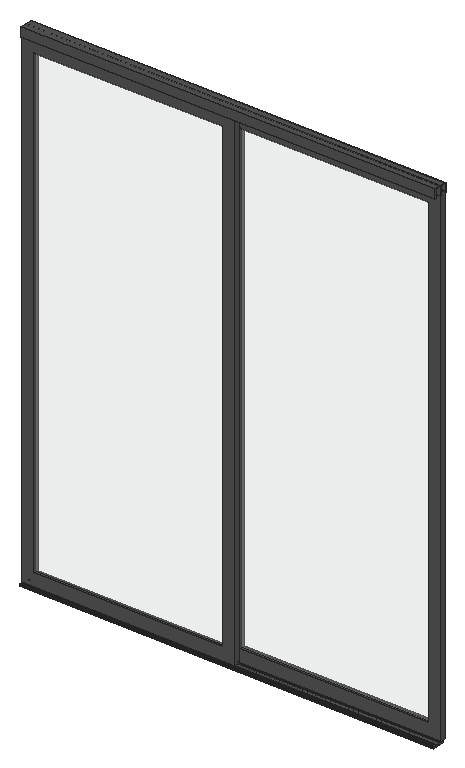
Revit family "Door_FTS RD_The Sliding Door Company_2-Panel Double Track (Recessed Bottom)", category Doors, host Wall, Revit 2019
Family settings
  Host = Wall
  OmniClass Number = 23.30.10.00
  OmniClass Title = Doors
  Always vertical = Yes
  Cut with Voids When Loaded = No
  Shared = No
  Room Calculation Point = No
Parameters (values of type "FTS Room Divider - 2 Panel 2 Track (Recessed Bottom) - AB/BA")
  Upper Track Material [instance] = TSDC - Casing/Upper Track - Powder Coated Black
  URL = "https://www.slidingdoorco.com"
  Thickness = 1 1/4"  # constant formula
  Stile and Rail = 3"
  Rough Width = Finished Opening Width + 5/8" * 2  # 102 1/4"
  Rough Height = Order Height + 5/8"  # 122 5/8"
  Panel Width 3" Frame = Width / 2 + 1 1/2"  # 52"
  Panel Width 1 1/2" Frame = Width / 2 + 3/4"  # 51 1/4"
  Panel Height = Height - 2 1/4"  # 119 3/4"
  Open [instance] = no
  Model = "FTS Room Divider - Full Height System"  # constant formula
  Manufacturer = "The Sliding Door Company"  # constant formula
  Limitations = "Panel Width x System Height cannot exceed 7,400 square inches"  # constant formula
  Glass Thickness = "Available in: 5mm Tempered, 7mm,10mm,11mm Laminated Glass"  # constant formula
  Glass Material [instance] = TSDC - Glass - Clear
  Function = Interior
  Height = if(Order Height > 122", 122", Order Height)  # 122"
  Wall Closure = By host
  Width = if(Finished Opening Width > 101", 101", Finished Opening Width)  # 101"
  Fire Rating = "N/A"  # constant formula
  Finished Opening Width = 101"
  Order Height = Finished Opening Height + 3/8"  # 122"
  Finished Opening Height = 121 5/8"
  Door Casing Material [instance] = TSDC - Casing/Upper Track - Powder Coated Black
  Description = "2 Panel System with Double Track (Recessed Bottom)"  # constant formula
  Contact The Sliding Door Company = "https://www.slidingdoorco.com/contact"
  Construction Type = "Top Mounted, Recessed Bottom Track"  # constant formula
  Configuration = "AB/BA Configuration"  # constant formula
  Closed [instance] = not(Open)  # yes
  Bottom Track Material [instance] = TSDC - Bottom Track - Powder Coated Black
  Analytic Construction = "<None>"
  3" Frame (No Support Dividers) = "Max. H=122 in., Max. W=101 in. (52 in. panel width)"  # constant formula
  1 1/2" Frame (No Support Dividers) = "Max. H=108 in., Max. W=97 in. (50 in. panel width)"  # constant formula
Reference planes (in)
  plane 1 "Center (Front/Back)": y = 0
  plane 2 "Center (Left/Right)": x = 0
  plane 3 "Top": z = 121.625
  plane 4 "Exterior": y = 6
  plane 5 "Interior": y = -6
  plane 6: x = -50.5
  plane 7: x = 50.5
  plane 8 "2": z = 120
  plane 9 "3": z = 120.875
  plane 10 "Top": z = 96
  plane 11 "2": z = 94.375
  plane 12 "3": z = 95.25
  plane 13 "Top": z = 96
  plane 14 "2": z = 94.375
  plane 15 "3": z = 95.25
  plane 16 "Top": z = 80
  plane 17: x = -50
  plane 18: x = 50
  plane 19 "2": z = 78.375
  plane 20 "3": z = 79.25
  plane 21: x = -1.5
  plane 22: x = 1.5
  plane 23: z = -0.375
  plane 24: z = 0.25
Forms (in)
  Extrusion 1, solid, material "TSDC - Casing/Upper Track - Powder Coated Black" <- "Upper Track Material"
    sketch origin (0, -3.1543, 0) x (0, 1, 0) y (0, 0, 1)
      loop
        line (4.74219, 121.625) -> (1.56641, 121.625) -> (1.56641, 119.5) -> (1.625, 119.5) -> (1.625, 121.56641) -> (3.125, 121.56641) -> (3.125, 119.5) -> (3.18359, 119.5) -> (3.18359, 121.56641) -> (4.68359, 121.56641) -> (4.68359, 119.5) -> (4.74219, 119.5) -> (4.74219, 121.625)
    from -50.5 to 50.5
  Extrusion 2, solid, material "TSDC - Casing/Upper Track - Powder Coated Black" <- "Door Casing Material", visible <- "Closed"
    sketch origin (47.66587, -1.5957, 0) x (1, 0, 0) y (0, 0, 1)
      loop
        line (2.83413, 120) -> (-49.16587, 120) -> (-49.16587, 0.25) -> (2.83413, 0.25) -> (2.83413, 120)
      loop
        line (-0.16587, 117) -> (-46.16587, 117) -> (-46.16587, 3.25) -> (-0.16587, 3.25) -> (-0.16587, 117)
    from -3 to -1.75
  Extrusion 3, solid, material "TSDC - Glass - Clear" <- "Glass Material", visible <- "Closed"
    sketch origin (47.66587, -2.0957, 0) x (1, 0, 0) y (0, 0, 1)
      loop
        line (-0.16587, 117) -> (-46.16587, 117) -> (-46.16587, 3.25) -> (-0.16587, 3.25) -> (-0.16587, 117)
    from -3 to -2.75
  Extrusion 4, solid, material "TSDC - Casing/Upper Track - Powder Coated Black", not visible
    sketch origin (0, 0.8784, 0.00198) x (0, 1, 0) y (0, 0, 1)
      loop
        line (1.17662, -0.00198) -> (1.7466, -0.00198) -> (1.7466, 0.11422) -> (1.63872, 0.16601) -> (1.5898, 0.16) -> (1.58595, 0.19134) -> (1.49638, 0.23434) -> (1.44746, 0.22833) -> (1.44362, 0.25967) -> (1.35493, 0.30224) -> (1.30601, 0.29623) -> (1.30216, 0.32757) -> (1.21825, 0.36785)
        arc (1.21825, 0.36785) -> (1.19583, 0.37043) -> (1.17662, 0.35859) r 0.03449
        line (1.17662, 0.35859) -> (1.17662, 0.26961) -> (1.14379, 0.26961) -> (1.14379, 0.30227) -> (1.11271, 0.30227) -> (1.11271, 0.05752) -> (1.14379, 0.05752) -> (1.14379, 0.08934) -> (1.17662, 0.08934) -> (1.17662, -0.00198)
      loop
        line (1.6966, 0.05) -> (1.6966, 0.08276) -> (1.2346, 0.30454) -> (1.2346, 0.05) -> (1.6966, 0.05)
    from -50 to 50
  Extrusion 5, solid, material "TSDC - Casing/Upper Track - Powder Coated Black", not visible
    sketch origin (0, 0.8784, 0.00198) x (0, 1, 0) y (0, 0, 1)
      loop
        arc (1.17662, 0.34104) -> (1.17081, 0.35508) -> (1.15677, 0.36093) r 0.01985
        line (1.15677, 0.36093) -> (1.07541, 0.36093)
        arc (1.07541, 0.36093) -> (1.06136, 0.3551) -> (1.05556, 0.34103) r 0.01985
        line (1.05556, 0.34103) -> (1.05556, 0.20299) -> (0.9831, 0.20299) -> (0.9831, 0.28602)
        arc (0.9831, 0.28602) -> (0.87384, 0.39506) -> (0.76472, 0.28588) r 0.10919
        line (0.76472, 0.28588) -> (0.82428, 0.28588)
        arc (0.82428, 0.28588) -> (0.87397, 0.3355) -> (0.92354, 0.28575) r 0.04963
        line (0.92354, 0.28575) -> (0.92354, 0.14753) -> (1.05556, 0.10767) -> (1.05556, 0.05757) -> (0.38753, 0.05757) -> (0.38753, 0.36093) -> (-0.56932, 0.36093) -> (-0.56932, 0.20299) -> (-0.64178, 0.20299) -> (-0.64178, 0.28602)
        arc (-0.64178, 0.28602) -> (-0.75104, 0.39506) -> (-0.86016, 0.28588) r 0.10919
        line (-0.86016, 0.28588) -> (-0.8006, 0.28588)
        arc (-0.8006, 0.28588) -> (-0.75091, 0.3355) -> (-0.70134, 0.28575) r 0.04963
        line (-0.70134, 0.28575) -> (-0.70134, 0.14753) -> (-0.56932, 0.10767) -> (-0.56932, 0.05757) -> (-1.23735, 0.05757) -> (-1.23735, 0.36093) -> (-2.19421, 0.36093) -> (-2.19421, 0.20299) -> (-2.26667, 0.20299) -> (-2.26667, 0.28602)
        arc (-2.26667, 0.28602) -> (-2.37592, 0.39506) -> (-2.48504, 0.28588) r 0.10919
        line (-2.48504, 0.28588) -> (-2.42548, 0.28588)
        arc (-2.42548, 0.28588) -> (-2.37579, 0.3355) -> (-2.32622, 0.28575) r 0.04963
        line (-2.32622, 0.28575) -> (-2.32622, 0.14753) -> (-2.19421, 0.10767) -> (-2.19421, 0.05757) -> (-2.86223, 0.05757) -> (-2.86223, 0.34103)
        arc (-2.86223, 0.34103) -> (-2.86803, 0.3551) -> (-2.88208, 0.36093) r 0.01985
        line (-2.88208, 0.36093) -> (-2.96344, 0.36093)
        arc (-2.96344, 0.36093) -> (-2.97751, 0.35509) -> (-2.9833, 0.341) r 0.01985
        line (-2.9833, 0.341) -> (-2.9833, 0.26961) -> (-2.95059, 0.26961) -> (-2.95059, 0.30227) -> (-2.91939, 0.30227) -> (-2.91939, 0.05752) -> (-2.95046, 0.05752) -> (-2.95046, 0.08934) -> (-2.9833, 0.08934) -> (-2.9833, -0.00198) -> (-2.13705, -0.00198) -> (-2.10598, 0.05752) -> (-2.13705, 0.05752) -> (-2.13705, 0.30227) -> (-1.29451, 0.30227) -> (-1.29451, 0.05752) -> (-1.32558, 0.05752) -> (-1.29451, -0.00198) -> (-0.51217, -0.00198) -> (-0.4811, 0.05752) -> (-0.51217, 0.05752) -> (-0.51217, 0.30227) -> (0.33038, 0.30227) -> (0.33038, 0.05752) -> (0.2993, 0.05752) -> (0.33038, -0.00198) -> (1.17662, -0.00198) -> (1.17662, 0.08934) -> (1.14379, 0.08934) -> (1.14379, 0.05752) -> (1.11271, 0.05752) -> (1.11271, 0.30227) -> (1.14379, 0.30227) -> (1.14379, 0.26961) -> (1.17662, 0.26961) -> (1.17662, 0.34104)
    from -50 to 50
  Extrusion 6, solid, material "TSDC - Casing/Upper Track - Powder Coated Black", not visible
    sketch origin (0, -0.92827, 0.00198) x (0, -1, 0) y (0, 0, -1)
      loop
        line (1.17662, 0.00198) -> (1.17662, -0.08934) -> (1.14379, -0.08934) -> (1.14379, -0.05752) -> (1.11271, -0.05752) -> (1.11271, -0.30227) -> (1.14379, -0.30227) -> (1.14379, -0.26961) -> (1.17662, -0.26961) -> (1.17662, -0.35859)
        arc (1.17662, -0.35859) -> (1.19583, -0.37043) -> (1.21825, -0.36785) r 0.03449
        line (1.21825, -0.36785) -> (1.30216, -0.32757) -> (1.30601, -0.29623) -> (1.35493, -0.30224) -> (1.44362, -0.25967) -> (1.44746, -0.22833) -> (1.49638, -0.23434) -> (1.58595, -0.19134) -> (1.5898, -0.16) -> (1.63872, -0.16601) -> (1.7466, -0.11422) -> (1.7466, 0.00198) -> (1.17662, 0.00198)
      loop
        line (1.6966, -0.05) -> (1.2346, -0.05) -> (1.2346, -0.30454) -> (1.6966, -0.08276) -> (1.6966, -0.05)
    from -50 to 50
  Extrusion 7, solid, material "TSDC - Casing/Upper Track - Powder Coated Black", not visible
    sketch origin (0, 1.25781, 0) x (0, 1, 0) y (0, 0, 1)
      loop
        line (1.74219, 96) -> (-2.99219, 96) -> (-2.99219, 93.875) -> (-2.93359, 93.875) -> (-2.93359, 95.94141) -> (-1.43359, 95.94141) -> (-1.43359, 93.875) -> (-1.375, 93.875) -> (-1.375, 95.94141) -> (0.125, 95.94141) -> (0.125, 93.875) -> (0.18359, 93.875) -> (0.18359, 95.94141) -> (1.68359, 95.94141) -> (1.68359, 93.875) -> (1.74219, 93.875) -> (1.74219, 96)
    from -50 to 50
  Extrusion 8, solid, material "TSDC - Casing/Upper Track - Powder Coated Black", visible <- "Open", not visible
    sketch origin (-18.0008, 2.81641, 0) x (1, 0, 0) y (0, 0, 1)
      loop
        line (2.33413, 94.375) -> (-31.9992, 94.375) -> (-31.9992, 0.625) -> (2.33413, 0.625) -> (2.33413, 94.375)
      loop
        line (0.83413, 92.875) -> (-30.4992, 92.875) -> (-30.4992, 2.125) -> (0.83413, 2.125) -> (0.83413, 92.875)
    from 0 to 1.25
  Extrusion 9, solid, material "TSDC - Glass - Clear", visible <- "Open", not visible
    sketch origin (-18.0008, 2.31641, 0) x (1, 0, 0) y (0, 0, 1)
      loop
        line (0.83413, 92.875) -> (-30.4992, 92.875) -> (-30.4992, 2.125) -> (0.83413, 2.125) -> (0.83413, 92.875)
    from 0 to 0.25
  Extrusion 10, solid, material "TSDC - Casing/Upper Track - Powder Coated Black", visible <- "Open", not visible
    sketch origin (-44.66746, 1.25781, 0) x (1, 0, 0) y (0, 0, 1)
      loop
        line (29.0008, 94.375) -> (-5.33254, 94.375) -> (-5.33254, 0.625) -> (29.0008, 0.625) -> (29.0008, 94.375)
      loop
        line (27.5008, 92.875) -> (-3.83254, 92.875) -> (-3.83254, 2.125) -> (27.5008, 2.125) -> (27.5008, 92.875)
    from 0 to 1.25
  Extrusion 11, solid, material "TSDC - Glass - Clear", visible <- "Open", not visible
    sketch origin (-44.66746, 0.75781, 0) x (1, 0, 0) y (0, 0, 1)
      loop
        line (27.5008, 92.875) -> (-3.83254, 92.875) -> (-3.83254, 2.125) -> (27.5008, 2.125) -> (27.5008, 92.875)
    from 0 to 0.25
  Extrusion 12, solid, material "TSDC - Casing/Upper Track - Powder Coated Black", visible <- "Open", not visible
    sketch origin (-71.33413, -0.30078, 0) x (1, 0, 0) y (0, 0, 1)
      loop
        line (55.66746, 94.375) -> (21.33413, 94.375) -> (21.33413, 0.625) -> (55.66746, 0.625) -> (55.66746, 94.375)
      loop
        line (54.16746, 92.875) -> (22.83413, 92.875) -> (22.83413, 2.125) -> (54.16746, 2.125) -> (54.16746, 92.875)
    from 0 to 1.25
  Extrusion 13, solid, material "TSDC - Glass - Clear", visible <- "Open", not visible
    sketch origin (-71.33413, -0.80078, 0) x (1, 0, 0) y (0, 0, 1)
      loop
        line (54.16746, 92.875) -> (22.83413, 92.875) -> (22.83413, 2.125) -> (54.16746, 2.125) -> (54.16746, 92.875)
    from 0 to 0.25
  Extrusion 14, solid, material "TSDC - Casing/Upper Track - Powder Coated Black", visible <- "Closed", not visible
    sketch origin (-11.83413, 1.25781, 0) x (1, 0, 0) y (0, 0, 1)
      loop
        line (29.0008, 94.375) -> (-5.33254, 94.375) -> (-5.33254, 0.625) -> (29.0008, 0.625) -> (29.0008, 94.375)
      loop
        line (27.5008, 92.875) -> (-3.83254, 92.875) -> (-3.83254, 2.125) -> (27.5008, 2.125) -> (27.5008, 92.875)
    from 0 to 1.25
  Extrusion 15, solid, material "TSDC - Glass - Clear", visible <- "Closed", not visible
    sketch origin (-11.83413, 0.75781, 0) x (1, 0, 0) y (0, 0, 1)
      loop
        line (27.5008, 92.875) -> (-3.83254, 92.875) -> (-3.83254, 2.125) -> (27.5008, 2.125) -> (27.5008, 92.875)
    from 0 to 0.25
  Extrusion 16, solid, material "TSDC - Casing/Upper Track - Powder Coated Black", visible <- "Closed", not visible
    sketch origin (47.66587, 2.81641, 0) x (1, 0, 0) y (0, 0, 1)
      loop
        line (2.33413, 94.375) -> (-31.9992, 94.375) -> (-31.9992, 0.625) -> (2.33413, 0.625) -> (2.33413, 94.375)
      loop
        line (0.83413, 92.875) -> (-30.4992, 92.875) -> (-30.4992, 2.125) -> (0.83413, 2.125) -> (0.83413, 92.875)
    from 0 to 1.25
  Extrusion 17, solid, material "TSDC - Glass - Clear", visible <- "Closed", not visible
    sketch origin (47.66587, 2.31641, 0) x (1, 0, 0) y (0, 0, 1)
      loop
        line (0.83413, 92.875) -> (-30.4992, 92.875) -> (-30.4992, 2.125) -> (0.83413, 2.125) -> (0.83413, 92.875)
    from 0 to 0.25
  Extrusion 18, solid, material "TSDC - Casing/Upper Track - Powder Coated Black", visible <- "Closed", not visible
    sketch origin (-71.33413, -0.30078, 0) x (1, 0, 0) y (0, 0, 1)
      loop
        line (55.66746, 94.375) -> (21.33413, 94.375) -> (21.33413, 0.625) -> (55.66746, 0.625) -> (55.66746, 94.375)
      loop
        line (54.16746, 92.875) -> (22.83413, 92.875) -> (22.83413, 2.125) -> (54.16746, 2.125) -> (54.16746, 92.875)
    from 0 to 1.25
  Extrusion 19, solid, material "TSDC - Glass - Clear", visible <- "Closed", not visible
    sketch origin (-71.33413, -0.80078, 0) x (1, 0, 0) y (0, 0, 1)
      loop
        line (54.16746, 92.875) -> (22.83413, 92.875) -> (22.83413, 2.125) -> (54.16746, 2.125) -> (54.16746, 92.875)
    from 0 to 0.25
  Extrusion 20, solid, material "TSDC - Casing/Upper Track - Powder Coated Black", not visible
    sketch origin (0, 1.25781, 0) x (0, 1, 0) y (0, 0, 1)
      loop
        line (1.74219, 96) -> (-2.99219, 96) -> (-2.99219, 93.875) -> (-2.93359, 93.875) -> (-2.93359, 95.94141) -> (-1.43359, 95.94141) -> (-1.43359, 93.875) -> (-1.375, 93.875) -> (-1.375, 95.94141) -> (0.125, 95.94141) -> (0.125, 93.875) -> (0.18359, 93.875) -> (0.18359, 95.94141) -> (1.68359, 95.94141) -> (1.68359, 93.875) -> (1.74219, 93.875) -> (1.74219, 96)
    from -50 to 50
  Extrusion 21, solid, material "TSDC - Casing/Upper Track - Powder Coated Black", not visible
    sketch origin (0, 1.25781, 0) x (0, 1, 0) y (0, 0, 1)
      loop
        line (1.74219, 96) -> (-2.99219, 96) -> (-2.99219, 93.875) -> (-2.93359, 93.875) -> (-2.93359, 95.94141) -> (-1.43359, 95.94141) -> (-1.43359, 93.875) -> (-1.375, 93.875) -> (-1.375, 95.94141) -> (0.125, 95.94141) -> (0.125, 93.875) -> (0.18359, 93.875) -> (0.18359, 95.94141) -> (1.68359, 95.94141) -> (1.68359, 93.875) -> (1.74219, 93.875) -> (1.74219, 96)
    from -50 to 50
  Extrusion 22, solid, material "TSDC - Casing/Upper Track - Powder Coated Black", not visible
    sketch origin (0, 1.25781, 0) x (0, 1, 0) y (0, 0, 1)
      loop
        line (1.74219, 96) -> (-2.99219, 96) -> (-2.99219, 93.875) -> (-2.93359, 93.875) -> (-2.93359, 95.94141) -> (-1.43359, 95.94141) -> (-1.43359, 93.875) -> (-1.375, 93.875) -> (-1.375, 95.94141) -> (0.125, 95.94141) -> (0.125, 93.875) -> (0.18359, 93.875) -> (0.18359, 95.94141) -> (1.68359, 95.94141) -> (1.68359, 93.875) -> (1.74219, 93.875) -> (1.74219, 96)
    from -50 to 50
  Extrusion 23, solid, material "TSDC - Casing/Upper Track - Powder Coated Black", not visible
    sketch origin (0, 0.8784, 0.00198) x (0, 1, 0) y (0, 0, 1)
      loop
        line (1.17662, -0.00198) -> (1.7466, -0.00198) -> (1.7466, 0.11422) -> (1.63872, 0.16601) -> (1.5898, 0.16) -> (1.58595, 0.19134) -> (1.49638, 0.23434) -> (1.44746, 0.22833) -> (1.44362, 0.25967) -> (1.35493, 0.30224) -> (1.30601, 0.29623) -> (1.30216, 0.32757) -> (1.21825, 0.36785)
        arc (1.21825, 0.36785) -> (1.19583, 0.37043) -> (1.17662, 0.35859) r 0.03449
        line (1.17662, 0.35859) -> (1.17662, 0.26961) -> (1.14379, 0.26961) -> (1.14379, 0.30227) -> (1.11271, 0.30227) -> (1.11271, 0.05752) -> (1.14379, 0.05752) -> (1.14379, 0.08934) -> (1.17662, 0.08934) -> (1.17662, -0.00198)
      loop
        line (1.6966, 0.05) -> (1.6966, 0.08276) -> (1.2346, 0.30454) -> (1.2346, 0.05) -> (1.6966, 0.05)
    from -50 to 50
  Extrusion 24, solid, material "TSDC - Casing/Upper Track - Powder Coated Black", not visible
    sketch origin (0, 0.8784, 0.00198) x (0, 1, 0) y (0, 0, 1)
      loop
        arc (1.17662, 0.34104) -> (1.17081, 0.35508) -> (1.15677, 0.36093) r 0.01985
        line (1.15677, 0.36093) -> (1.07541, 0.36093)
        arc (1.07541, 0.36093) -> (1.06136, 0.3551) -> (1.05556, 0.34103) r 0.01985
        line (1.05556, 0.34103) -> (1.05556, 0.20299) -> (0.9831, 0.20299) -> (0.9831, 0.28602)
        arc (0.9831, 0.28602) -> (0.87384, 0.39506) -> (0.76472, 0.28588) r 0.10919
        line (0.76472, 0.28588) -> (0.82428, 0.28588)
        arc (0.82428, 0.28588) -> (0.87397, 0.3355) -> (0.92354, 0.28575) r 0.04963
        line (0.92354, 0.28575) -> (0.92354, 0.14753) -> (1.05556, 0.10767) -> (1.05556, 0.05757) -> (0.38753, 0.05757) -> (0.38753, 0.36093) -> (-0.56932, 0.36093) -> (-0.56932, 0.20299) -> (-0.64178, 0.20299) -> (-0.64178, 0.28602)
        arc (-0.64178, 0.28602) -> (-0.75104, 0.39506) -> (-0.86016, 0.28588) r 0.10919
        line (-0.86016, 0.28588) -> (-0.8006, 0.28588)
        arc (-0.8006, 0.28588) -> (-0.75091, 0.3355) -> (-0.70134, 0.28575) r 0.04963
        line (-0.70134, 0.28575) -> (-0.70134, 0.14753) -> (-0.56932, 0.10767) -> (-0.56932, 0.05757) -> (-1.23735, 0.05757) -> (-1.23735, 0.36093) -> (-2.19421, 0.36093) -> (-2.19421, 0.20299) -> (-2.26667, 0.20299) -> (-2.26667, 0.28602)
        arc (-2.26667, 0.28602) -> (-2.37592, 0.39506) -> (-2.48504, 0.28588) r 0.10919
        line (-2.48504, 0.28588) -> (-2.42548, 0.28588)
        arc (-2.42548, 0.28588) -> (-2.37579, 0.3355) -> (-2.32622, 0.28575) r 0.04963
        line (-2.32622, 0.28575) -> (-2.32622, 0.14753) -> (-2.19421, 0.10767) -> (-2.19421, 0.05757) -> (-2.86223, 0.05757) -> (-2.86223, 0.34103)
        arc (-2.86223, 0.34103) -> (-2.86803, 0.3551) -> (-2.88208, 0.36093) r 0.01985
        line (-2.88208, 0.36093) -> (-2.96344, 0.36093)
        arc (-2.96344, 0.36093) -> (-2.97751, 0.35509) -> (-2.9833, 0.341) r 0.01985
        line (-2.9833, 0.341) -> (-2.9833, 0.26961) -> (-2.95059, 0.26961) -> (-2.95059, 0.30227) -> (-2.91939, 0.30227) -> (-2.91939, 0.05752) -> (-2.95046, 0.05752) -> (-2.95046, 0.08934) -> (-2.9833, 0.08934) -> (-2.9833, -0.00198) -> (-2.13705, -0.00198) -> (-2.10598, 0.05752) -> (-2.13705, 0.05752) -> (-2.13705, 0.30227) -> (-1.29451, 0.30227) -> (-1.29451, 0.05752) -> (-1.32558, 0.05752) -> (-1.29451, -0.00198) -> (-0.51217, -0.00198) -> (-0.4811, 0.05752) -> (-0.51217, 0.05752) -> (-0.51217, 0.30227) -> (0.33038, 0.30227) -> (0.33038, 0.05752) -> (0.2993, 0.05752) -> (0.33038, -0.00198) -> (1.17662, -0.00198) -> (1.17662, 0.08934) -> (1.14379, 0.08934) -> (1.14379, 0.05752) -> (1.11271, 0.05752) -> (1.11271, 0.30227) -> (1.14379, 0.30227) -> (1.14379, 0.26961) -> (1.17662, 0.26961) -> (1.17662, 0.34104)
    from -50 to 50
  Extrusion 25, solid, material "TSDC - Casing/Upper Track - Powder Coated Black", not visible
    sketch origin (0, -0.92827, 0.00198) x (0, -1, 0) y (0, 0, -1)
      loop
        line (1.17662, 0.00198) -> (1.17662, -0.08934) -> (1.14379, -0.08934) -> (1.14379, -0.05752) -> (1.11271, -0.05752) -> (1.11271, -0.30227) -> (1.14379, -0.30227) -> (1.14379, -0.26961) -> (1.17662, -0.26961) -> (1.17662, -0.35859)
        arc (1.17662, -0.35859) -> (1.19583, -0.37043) -> (1.21825, -0.36785) r 0.03449
        line (1.21825, -0.36785) -> (1.30216, -0.32757) -> (1.30601, -0.29623) -> (1.35493, -0.30224) -> (1.44362, -0.25967) -> (1.44746, -0.22833) -> (1.49638, -0.23434) -> (1.58595, -0.19134) -> (1.5898, -0.16) -> (1.63872, -0.16601) -> (1.7466, -0.11422) -> (1.7466, 0.00198) -> (1.17662, 0.00198)
      loop
        line (1.6966, -0.05) -> (1.2346, -0.05) -> (1.2346, -0.30454) -> (1.6966, -0.08276) -> (1.6966, -0.05)
    from -50 to 50
  Extrusion 26, solid, material "TSDC - Casing/Upper Track - Powder Coated Black", not visible
    sketch origin (0, 1.25781, -16) x (0, 1, 0) y (0, 0, 1)
      loop
        line (1.74219, 96) -> (-2.99219, 96) -> (-2.99219, 93.875) -> (-2.93359, 93.875) -> (-2.93359, 95.94141) -> (-1.43359, 95.94141) -> (-1.43359, 93.875) -> (-1.375, 93.875) -> (-1.375, 95.94141) -> (0.125, 95.94141) -> (0.125, 93.875) -> (0.18359, 93.875) -> (0.18359, 95.94141) -> (1.68359, 95.94141) -> (1.68359, 93.875) -> (1.74219, 93.875) -> (1.74219, 96)
    from -50 to 50
  Extrusion 27, solid, material "TSDC - Casing/Upper Track - Powder Coated Black" <- "Door Casing Material", visible <- "Closed"
    sketch origin (-47.66587, -3.1543, 0) x (-1, 0, 0) y (0, 0, -1)
      loop
        line (2.83413, -120) -> (2.83413, -0.25) -> (-49.16587, -0.25) -> (-49.16587, -120) -> (2.83413, -120)
      loop
        line (-0.16587, -117) -> (-0.16587, -3.25) -> (-46.16587, -3.25) -> (-46.16587, -117) -> (-0.16587, -117)
    from -3 to -1.75
  Extrusion 28, solid, material "TSDC - Glass - Clear" <- "Glass Material", visible <- "Closed"
    sketch origin (-47.66587, -3.6543, 0) x (-1, 0, 0) y (0, 0, -1)
      loop
        line (-0.16587, -117) -> (-0.16587, -3.25) -> (-46.16587, -3.25) -> (-46.16587, -117) -> (-0.16587, -117)
    from -3 to -2.75
  Extrusion 29, solid, material "TSDC - Bottom Track - Powder Coated Black" <- "Bottom Track Material"
    sketch origin (0, -0.53371, -0.37302) x (0, 1, 0) y (0, 0, 1)
      loop
        line (1.17662, 0.26961) -> (1.17662, 0.34104)
        arc (1.17662, 0.34104) -> (1.17081, 0.35508) -> (1.15677, 0.36089) r 0.01985
        line (1.15677, 0.36089) -> (1.07541, 0.36093)
        arc (1.07541, 0.36093) -> (1.06136, 0.3551) -> (1.05556, 0.34103) r 0.01985
        line (1.05556, 0.34103) -> (1.05556, 0.20299) -> (0.9831, 0.20299) -> (0.9831, 0.28602)
        arc (0.9831, 0.28602) -> (0.87384, 0.39506) -> (0.76472, 0.28588) r 0.10919
        line (0.76472, 0.28588) -> (0.82428, 0.28588)
        arc (0.82428, 0.28588) -> (0.87397, 0.3355) -> (0.92354, 0.28575) r 0.04963
        line (0.92354, 0.28575) -> (0.92354, 0.14753) -> (1.05556, 0.10767) -> (1.05556, 0.05757) -> (0.38753, 0.05757) -> (0.38753, 0.36093) -> (-0.56932, 0.36093) -> (-0.56932, 0.20299) -> (-0.64178, 0.20299) -> (-0.64178, 0.28602)
        arc (-0.64178, 0.28602) -> (-0.75104, 0.39506) -> (-0.86016, 0.28588) r 0.10919
        line (-0.86016, 0.28588) -> (-0.8006, 0.28588)
        arc (-0.8006, 0.28588) -> (-0.75091, 0.3355) -> (-0.70134, 0.28575) r 0.04963
        line (-0.70134, 0.28575) -> (-0.70134, 0.14753) -> (-0.56932, 0.10767) -> (-0.56932, 0.05757) -> (-1.23735, 0.05757) -> (-1.23735, 0.34103)
        arc (-1.23735, 0.34103) -> (-1.24315, 0.3551) -> (-1.2572, 0.36093) r 0.01985
        line (-1.2572, 0.36093) -> (-1.33856, 0.36093)
        arc (-1.33856, 0.36093) -> (-1.35263, 0.35509) -> (-1.35841, 0.341) r 0.01985
        line (-1.35841, 0.341) -> (-1.35841, 0.26961) -> (-1.32571, 0.26961) -> (-1.32571, 0.30227) -> (-1.29451, 0.30227) -> (-1.29451, 0.05752) -> (-1.32558, 0.05752) -> (-1.32558, 0.08934) -> (-1.35841, 0.08934) -> (-1.35841, -0.00198) -> (-0.51217, -0.00198) -> (-0.4811, 0.05752) -> (-0.51217, 0.05752) -> (-0.51217, 0.30227) -> (0.33038, 0.30227) -> (0.33038, 0.05752) -> (0.2993, 0.05752) -> (0.33038, -0.00198) -> (1.17662, -0.00198) -> (1.17662, 0.08934) -> (1.14379, 0.08934) -> (1.14379, 0.05752) -> (1.11271, 0.05752) -> (1.11271, 0.30227) -> (1.14379, 0.30227) -> (1.14379, 0.26961) -> (1.17662, 0.26961)
    from -50.5 to 50.5
  Extrusion 30, solid, material "TSDC - Casing/Upper Track - Powder Coated Black" <- "Door Casing Material", visible <- "Open"
    sketch origin (-1.33413, -1.5957, 0) x (1, 0, 0) y (0, 0, 1)
      loop
        line (2.83413, 120) -> (-49.16587, 120) -> (-49.16587, 0.25) -> (2.83413, 0.25) -> (2.83413, 120)
      loop
        line (-0.16587, 117) -> (-46.16587, 117) -> (-46.16587, 3.25) -> (-0.16587, 3.25) -> (-0.16587, 117)
    from -3 to -1.75
  Extrusion 31, solid, material "TSDC - Glass - Clear" <- "Glass Material", visible <- "Open"
    sketch origin (-1.33413, -2.0957, 0) x (1, 0, 0) y (0, 0, 1)
      loop
        line (-0.16587, 117) -> (-46.16587, 117) -> (-46.16587, 3.25) -> (-0.16587, 3.25) -> (-0.16587, 117)
    from -3 to -2.75
  Extrusion 32, solid, material "TSDC - Casing/Upper Track - Powder Coated Black" <- "Door Casing Material", visible <- "Open"
    sketch origin (-1.33413, -3.1543, 0) x (1, 0, 0) y (0, 0, 1)
      loop
        line (2.83413, 120) -> (-49.16587, 120) -> (-49.16587, 0.25) -> (2.83413, 0.25) -> (2.83413, 120)
      loop
        line (-0.16587, 117) -> (-46.16587, 117) -> (-46.16587, 3.25) -> (-0.16587, 3.25) -> (-0.16587, 117)
    from -3 to -1.75
  Extrusion 33, solid, material "TSDC - Glass - Clear" <- "Glass Material", visible <- "Open"
    sketch origin (-1.33413, -3.6543, 0) x (1, 0, 0) y (0, 0, 1)
      loop
        line (-0.16587, 117) -> (-46.16587, 117) -> (-46.16587, 3.25) -> (-0.16587, 3.25) -> (-0.16587, 117)
    from -3 to -2.75
Lines and regions (in)
  Opening 1
    outline origin (-60, -6, 0) x (1, 0, 0) y (0, 0, 1)
      loop
        line (110.5, 0) -> (110.5, 121.625) -> (9.5, 121.625) -> (9.5, 0) -> (110.5, 0)
Text (in)
  text "Exterior" at (-165.54235, 27.31104, 0), in view "Ref. Level"
  text "Interior" at (-165.54235, -25.14366, 0), in view "Ref. Level"
  text "Exterior" at (0, 40.15149, 123.01588), in view "Right"
  text "Interior" at (0, -64.39139, 123.01588), in view "Right"
  text "Interior" at (0, -31.01599, 123.00693), in view "Left"
  text "Exterior" at (0, 54.57065, 123.00693), in view "Left"
Dimensions and locks (in)
  locked: plane 8 "2" to plane 3 "Top" at 1.625
  equal spacing: plane 6, plane 2 "Center (Left/Right)", plane 7
  locked: plane 9 "3" to plane 3 "Top" at 0.75
  "Stile and Rail": Extrusion 2 to Extrusion 2  (x4)
  "Height": plane 23 to plane 3 "Top"
  "Width": plane 6 to plane 7
  "Stile and Rail": Extrusion 27 to Extrusion 27  (x4)
  equal spacing: Extrusion 2, plane 2 "Center (Left/Right)", Extrusion 2
  equal spacing: Extrusion 27, plane 2 "Center (Left/Right)", Extrusion 27
  plane 21 to plane 22 = 3"  (x2)
  Extrusion 27 to Extrusion 27 = 52"
  Extrusion 2 to Extrusion 2 = 52"
  "Stile and Rail": Extrusion 30 to Extrusion 30  (x4)
  equal spacing: Extrusion 30, plane 2 "Center (Left/Right)", Extrusion 30
  "Stile and Rail": Extrusion 32 to Extrusion 32  (x4)
  equal spacing: Extrusion 32, plane 2 "Center (Left/Right)", Extrusion 32
  Extrusion 30 to Extrusion 30 = 52"
  locked: plane 23 to level at 0.375
  level to plane 3 "Top" = 121 5/8"
  aligned and locked: plane 4 "Exterior" to host wall
  aligned and locked: host wall to plane 5 "Interior"
  aligned and locked: Extrusion 1 to plane 6
  aligned and locked: plane 7 to Extrusion 1
  aligned and locked: Extrusion 3 to Extrusion 2  (x4)
  aligned and locked: Opening 1 sketch curve to Extrusion 1
  aligned and locked: Extrusion 27 to Extrusion 28
  aligned and locked: Extrusion 28 to Extrusion 27
  aligned and locked: Extrusion 28 to Extrusion 2
  aligned and locked: Extrusion 31 to Extrusion 30  (x4)
  aligned and locked: Extrusion 33 to Extrusion 32  (x4)
  aligned and locked: Opening 1 sketch curve to plane 6
  aligned and locked: host wall to Extrusion 29  (x2)
  aligned and locked: Extrusion 30 to plane 24
  aligned and locked: Extrusion 2 to Extrusion 30
  aligned and locked: Extrusion 2 to Extrusion 32
  aligned and locked: Extrusion 2 to Extrusion 27
  aligned and locked: Extrusion 2 to Extrusion 28
  aligned and locked: plane 3 "Top" to Opening 1 sketch curve
Automatic sketch dimensions
  Extrusion 4 sketch curve to Extrusion 4 sketch curve = 0.03107"  (x2)
  Extrusion 4 sketch curve to Extrusion 4 sketch curve = 0.03284"  (x2)
  Extrusion 4 sketch curve to Extrusion 4 sketch curve = 0.0267"
  Extrusion 4 sketch curve to Extrusion 4 sketch curve = 0.01493"
  Extrusion 4 sketch curve to Extrusion 4 sketch curve = 0.05797"
  Extrusion 4 sketch curve to Extrusion 4 sketch curve = 0.06757"
  Extrusion 4 sketch curve to Extrusion 4 sketch curve = 0.00385"  (x3)
  Extrusion 4 sketch curve to Extrusion 4 sketch curve = 0.04892"  (x3)
  Extrusion 4 sketch curve to Extrusion 4 sketch curve = 0.08869"
  Extrusion 4 sketch curve to Extrusion 4 sketch curve = 0.08957"
  Extrusion 4 sketch curve to Extrusion 4 sketch curve = 0.05788"
  Extrusion 4 sketch curve to Extrusion 4 sketch curve = 0.05"
  Extrusion 4 sketch curve to Extrusion 4 sketch curve = 0.03276"
  Extrusion 4 sketch curve to Extrusion 4 sketch curve = 0.03182"
  Extrusion 4 sketch curve to Extrusion 4 sketch curve = 0.03146"
  Extrusion 4 sketch curve to Extrusion 4 sketch curve = 0.00601"  (x3)
  Extrusion 4 sketch curve to Extrusion 4 sketch curve = 0.09824"
  Extrusion 4 sketch curve to Extrusion 4 sketch curve = 0.03266"
  Extrusion 4 sketch curve to Extrusion 4 sketch curve = 0.06331"
  Extrusion 4 sketch curve to Extrusion 4 sketch curve = 0.03109"
  Extrusion 5 sketch curve to Extrusion 5 sketch curve = 0"  (x25)
  Extrusion 5 sketch curve to Extrusion 5 sketch curve = 0.01985"  (x3)
  Extrusion 5 sketch curve to Extrusion 5 sketch curve = 0.03271"
  Extrusion 5 sketch curve to Extrusion 5 sketch curve = 0.03284"  (x3)
  Extrusion 5 sketch curve to Extrusion 5 sketch curve = 0.03107"  (x9)
  Extrusion 5 sketch curve to Extrusion 5 sketch curve = 0.0373"
  Extrusion 5 sketch curve to Extrusion 5 sketch curve = 0.37719"  (x3)
  Extrusion 5 sketch curve to Extrusion 5 sketch curve = 0.05956"  (x6)
  Extrusion 5 sketch curve to Extrusion 5 sketch curve = 0.04963"  (x6)
  Extrusion 5 sketch curve to Extrusion 5 sketch curve = 0.07246"  (x4)
  Extrusion 5 sketch curve to Extrusion 5 sketch curve = 0.05716"  (x5)
  Extrusion 5 sketch curve to Extrusion 5 sketch curve = 0.7804"  (x2)
  Extrusion 5 sketch curve to Extrusion 5 sketch curve = 0.01299"
  Extrusion 5 sketch curve to Extrusion 5 sketch curve = 0.00005"  (x5)
  Extrusion 5 sketch curve to Extrusion 5 sketch curve = 0.03182"  (x2)
  Extrusion 5 sketch curve to Extrusion 5 sketch curve = 0.0501"  (x3)
  Extrusion 5 sketch curve to Extrusion 5 sketch curve = 0.03986"  (x2)
  Extrusion 5 sketch curve to Extrusion 5 sketch curve = 0.09532"  (x2)
  Extrusion 5 sketch curve to Extrusion 5 sketch curve = 0.05547"  (x2)
  Extrusion 5 sketch curve to Extrusion 5 sketch curve = 0.06662"
  Extrusion 5 sketch curve to Extrusion 5 sketch curve = 0.08276"  (x3)
  Extrusion 5 sketch curve to Extrusion 5 sketch curve = 0.00012"  (x3)
  Extrusion 5 sketch curve to Extrusion 5 sketch curve = 0.03266"  (x2)
  Extrusion 5 sketch curve to Extrusion 5 sketch curve = 0.24475"
  Extrusion 5 sketch curve to Extrusion 5 sketch curve = 0.09928"
  Extrusion 5 sketch curve to Extrusion 5 sketch curve = 0.03873"
  Extrusion 5 sketch curve to Extrusion 5 sketch curve = 0.03876"  (x2)
  Extrusion 5 sketch curve to Extrusion 5 sketch curve = 0.03877"
  Extrusion 5 sketch curve to Extrusion 5 sketch curve = 0.00007"
  Extrusion 5 sketch curve to Extrusion 5 sketch curve = 0.05866"  (x2)
  Extrusion 6 sketch curve to Extrusion 6 sketch curve = 0.03107"  (x2)
  Extrusion 6 sketch curve to Extrusion 6 sketch curve = 0.03284"  (x2)
  Extrusion 6 sketch curve to Extrusion 6 sketch curve = 0.0267"
  Extrusion 6 sketch curve to Extrusion 6 sketch curve = 0.01493"
  Extrusion 6 sketch curve to Extrusion 6 sketch curve = 0.05797"
  Extrusion 6 sketch curve to Extrusion 6 sketch curve = 0.06757"
  Extrusion 6 sketch curve to Extrusion 6 sketch curve = 0.00385"  (x3)
  Extrusion 6 sketch curve to Extrusion 6 sketch curve = 0.04892"  (x3)
  Extrusion 6 sketch curve to Extrusion 6 sketch curve = 0.08869"
  Extrusion 6 sketch curve to Extrusion 6 sketch curve = 0.08957"
  Extrusion 6 sketch curve to Extrusion 6 sketch curve = 0.05788"
  Extrusion 6 sketch curve to Extrusion 6 sketch curve = 0.05"
  Extrusion 6 sketch curve to Extrusion 6 sketch curve = 0.00926"
  Extrusion 6 sketch curve to Extrusion 6 sketch curve = 0.03134"  (x3)
  Extrusion 6 sketch curve to Extrusion 6 sketch curve = 0.03222"
  Extrusion 6 sketch curve to Extrusion 6 sketch curve = 0.05632"
  Extrusion 6 sketch curve to Extrusion 6 sketch curve = 0.03266"
  Extrusion 6 sketch curve to Extrusion 6 sketch curve = 0.06422"
  Extrusion 6 sketch curve to Extrusion 6 sketch curve = 0.03182"
  Extrusion 6 sketch curve to Extrusion 6 sketch curve = 0.03276"
  Extrusion 4 sketch curve to Extrusion 4 sketch curve = 0.05198"
  Extrusion 4 sketch curve to Extrusion 4 sketch curve = 0.05951"
  Extrusion 4 sketch curve to Extrusion 4 sketch curve = 0.07724"
  Extrusion 4 sketch curve to Extrusion 4 sketch curve = 0.03699"
  Extrusion 4 sketch curve to Extrusion 4 sketch curve = 0.18027"
  Extrusion 4 sketch curve to Extrusion 4 sketch curve = 0.00831"
  Extrusion 5 sketch curve to Extrusion 5 sketch curve = 0.05951"  (x6)
  Extrusion 5 sketch curve to Extrusion 5 sketch curve = 0.18027"
  Extrusion 6 sketch curve to Extrusion 6 sketch curve = 0.02303"
  Extrusion 6 sketch curve to Extrusion 6 sketch curve = 0.04257"
  Extrusion 6 sketch curve to Extrusion 6 sketch curve = 0.043"
  Extrusion 6 sketch curve to Extrusion 6 sketch curve = 0.05179"
  Extrusion 6 sketch curve to Extrusion 6 sketch curve = 0.03934"
  Extrusion 6 sketch curve to Extrusion 6 sketch curve = 0.05198"
  Extrusion 7 sketch curve to Extrusion 7 sketch curve = 15/256"  (x5)
  Extrusion 7 sketch curve to Extrusion 7 sketch curve = 0"  (x5)
  Extrusion 7 sketch curve to Extrusion 7 sketch curve = 1 1/2"  (x3)
  Extrusion 7 sketch curve to Extrusion 7 sketch curve = 2 17/256"
  Extrusion 8 sketch curve to Extrusion 8 sketch curve = 1 1/2"  (x4)
  Extrusion 8 sketch curve to Extrusion 8 sketch curve = 31.33333"
  Extrusion 8 sketch curve to Extrusion 8 sketch curve = 90 3/4"
  Extrusion 9 sketch curve to Extrusion 9 sketch curve = 31.33333"
  Extrusion 9 sketch curve to Extrusion 9 sketch curve = 90 3/4"
  Extrusion 10 sketch curve to Extrusion 10 sketch curve = 1 1/2"  (x4)
  Extrusion 10 sketch curve to Extrusion 10 sketch curve = 31.33333"
  Extrusion 10 sketch curve to Extrusion 10 sketch curve = 90 3/4"
  Extrusion 11 sketch curve to Extrusion 11 sketch curve = 31.33333"
  Extrusion 11 sketch curve to Extrusion 11 sketch curve = 90 3/4"
  Extrusion 12 sketch curve to Extrusion 12 sketch curve = 1 1/2"  (x4)
  Extrusion 12 sketch curve to Extrusion 12 sketch curve = 31.33333"
  Extrusion 12 sketch curve to Extrusion 12 sketch curve = 90 3/4"
  Extrusion 13 sketch curve to Extrusion 13 sketch curve = 31.33333"
  Extrusion 13 sketch curve to Extrusion 13 sketch curve = 90 3/4"
  Extrusion 14 sketch curve to Extrusion 14 sketch curve = 1 1/2"  (x4)
  Extrusion 14 sketch curve to Extrusion 14 sketch curve = 31.33333"
  Extrusion 14 sketch curve to Extrusion 14 sketch curve = 90 3/4"
  Extrusion 15 sketch curve to Extrusion 15 sketch curve = 31.33333"
  Extrusion 15 sketch curve to Extrusion 15 sketch curve = 90 3/4"
  Extrusion 16 sketch curve to Extrusion 16 sketch curve = 1 1/2"  (x4)
  Extrusion 16 sketch curve to Extrusion 16 sketch curve = 31.33333"
  Extrusion 16 sketch curve to Extrusion 16 sketch curve = 90 3/4"
  Extrusion 17 sketch curve to Extrusion 17 sketch curve = 31.33333"
  Extrusion 17 sketch curve to Extrusion 17 sketch curve = 90 3/4"
  Extrusion 18 sketch curve to Extrusion 18 sketch curve = 1 1/2"  (x4)
  Extrusion 18 sketch curve to Extrusion 18 sketch curve = 31.33333"
  Extrusion 18 sketch curve to Extrusion 18 sketch curve = 90 3/4"
  Extrusion 19 sketch curve to Extrusion 19 sketch curve = 31.33333"
  Extrusion 19 sketch curve to Extrusion 19 sketch curve = 90 3/4"
  Extrusion 20 sketch curve to Extrusion 20 sketch curve = 15/256"  (x5)
  Extrusion 20 sketch curve to Extrusion 20 sketch curve = 0"  (x5)
  Extrusion 20 sketch curve to Extrusion 20 sketch curve = 1 1/2"  (x3)
  Extrusion 20 sketch curve to Extrusion 20 sketch curve = 2 17/256"
  plane 11 "2" to Extrusion 21 sketch curve = 1/2"  (x4)
  Extrusion 21 sketch curve to Extrusion 21 sketch curve = 15/256"  (x4)
  plane 10 "Top" to Extrusion 21 sketch curve = 15/256"  (x2)
  Extrusion 21 sketch curve to Extrusion 21 sketch curve = 0"
  Extrusion 21 sketch curve to plane 10 "Top" = 0"
  Extrusion 21 sketch curve to Extrusion 21 sketch curve = 1 1/2"  (x3)
  plane 14 "2" to Extrusion 22 sketch curve = 1/2"  (x4)
  Extrusion 22 sketch curve to Extrusion 22 sketch curve = 15/256"  (x4)
  plane 13 "Top" to Extrusion 22 sketch curve = 15/256"  (x2)
  Extrusion 22 sketch curve to Extrusion 22 sketch curve = 0"
  Extrusion 22 sketch curve to plane 13 "Top" = 0"
  Extrusion 22 sketch curve to Extrusion 22 sketch curve = 1 1/2"  (x3)
  Extrusion 23 sketch curve to Extrusion 23 sketch curve = 0.03107"  (x2)
  Extrusion 23 sketch curve to Extrusion 23 sketch curve = 0.03284"  (x2)
  Extrusion 23 sketch curve to Extrusion 23 sketch curve = 0.0267"
  Extrusion 23 sketch curve to Extrusion 23 sketch curve = 0.01493"
  Extrusion 23 sketch curve to Extrusion 23 sketch curve = 0.05797"
  Extrusion 23 sketch curve to Extrusion 23 sketch curve = 0.06757"
  Extrusion 23 sketch curve to Extrusion 23 sketch curve = 0.00385"  (x3)
  Extrusion 23 sketch curve to Extrusion 23 sketch curve = 0.04892"  (x3)
  Extrusion 23 sketch curve to Extrusion 23 sketch curve = 0.08869"
  Extrusion 23 sketch curve to Extrusion 23 sketch curve = 0.08957"
  Extrusion 23 sketch curve to Extrusion 23 sketch curve = 0.05788"
  Extrusion 23 sketch curve to Extrusion 23 sketch curve = 0.05"
  Extrusion 23 sketch curve to Extrusion 23 sketch curve = 0.03276"
  Extrusion 23 sketch curve to Extrusion 23 sketch curve = 0.03182"
  Extrusion 23 sketch curve to Extrusion 23 sketch curve = 0.03146"
  Extrusion 23 sketch curve to Extrusion 23 sketch curve = 0.00601"  (x3)
  Extrusion 23 sketch curve to Extrusion 23 sketch curve = 0.09824"
  Extrusion 23 sketch curve to Extrusion 23 sketch curve = 0.03266"
  Extrusion 23 sketch curve to Extrusion 23 sketch curve = 0.06331"
  Extrusion 23 sketch curve to Extrusion 23 sketch curve = 0.03109"
  Extrusion 24 sketch curve to Extrusion 24 sketch curve = 0"  (x25)
  Extrusion 24 sketch curve to Extrusion 24 sketch curve = 0.01985"  (x3)
  Extrusion 24 sketch curve to Extrusion 24 sketch curve = 0.03271"
  Extrusion 24 sketch curve to Extrusion 24 sketch curve = 0.03284"  (x3)
  Extrusion 24 sketch curve to Extrusion 24 sketch curve = 0.03107"  (x9)
  Extrusion 24 sketch curve to Extrusion 24 sketch curve = 0.0373"
  Extrusion 24 sketch curve to Extrusion 24 sketch curve = 0.37719"  (x3)
  Extrusion 24 sketch curve to Extrusion 24 sketch curve = 0.05956"  (x6)
  Extrusion 24 sketch curve to Extrusion 24 sketch curve = 0.04963"  (x6)
  Extrusion 24 sketch curve to Extrusion 24 sketch curve = 0.07246"  (x4)
  Extrusion 24 sketch curve to Extrusion 24 sketch curve = 0.05716"  (x5)
  Extrusion 24 sketch curve to Extrusion 24 sketch curve = 0.7804"  (x2)
  Extrusion 24 sketch curve to Extrusion 24 sketch curve = 0.01299"
  Extrusion 24 sketch curve to Extrusion 24 sketch curve = 0.00005"  (x5)
  Extrusion 24 sketch curve to Extrusion 24 sketch curve = 0.03182"  (x2)
  Extrusion 24 sketch curve to Extrusion 24 sketch curve = 0.0501"  (x3)
  Extrusion 24 sketch curve to Extrusion 24 sketch curve = 0.03986"  (x2)
  Extrusion 24 sketch curve to Extrusion 24 sketch curve = 0.09532"  (x2)
  Extrusion 24 sketch curve to Extrusion 24 sketch curve = 0.05547"  (x2)
  Extrusion 24 sketch curve to Extrusion 24 sketch curve = 0.06662"
  Extrusion 24 sketch curve to Extrusion 24 sketch curve = 0.08276"  (x3)
  Extrusion 24 sketch curve to Extrusion 24 sketch curve = 0.00012"  (x3)
  Extrusion 24 sketch curve to Extrusion 24 sketch curve = 0.03266"  (x2)
  Extrusion 24 sketch curve to Extrusion 24 sketch curve = 0.24475"
  Extrusion 24 sketch curve to Extrusion 24 sketch curve = 0.09928"
  Extrusion 24 sketch curve to Extrusion 24 sketch curve = 0.03873"
  Extrusion 24 sketch curve to Extrusion 24 sketch curve = 0.03876"  (x2)
  Extrusion 24 sketch curve to Extrusion 24 sketch curve = 0.03877"
  Extrusion 24 sketch curve to Extrusion 24 sketch curve = 0.00007"
  Extrusion 24 sketch curve to Extrusion 24 sketch curve = 0.05866"  (x2)
  Extrusion 25 sketch curve to Extrusion 25 sketch curve = 0.03107"  (x2)
  Extrusion 25 sketch curve to Extrusion 25 sketch curve = 0.03284"  (x2)
  Extrusion 25 sketch curve to Extrusion 25 sketch curve = 0.0267"
  Extrusion 25 sketch curve to Extrusion 25 sketch curve = 0.01493"
  Extrusion 25 sketch curve to Extrusion 25 sketch curve = 0.05797"
  Extrusion 25 sketch curve to Extrusion 25 sketch curve = 0.06757"
  Extrusion 25 sketch curve to Extrusion 25 sketch curve = 0.00385"  (x3)
  Extrusion 25 sketch curve to Extrusion 25 sketch curve = 0.04892"  (x3)
  Extrusion 25 sketch curve to Extrusion 25 sketch curve = 0.08869"
  Extrusion 25 sketch curve to Extrusion 25 sketch curve = 0.08957"
  Extrusion 25 sketch curve to Extrusion 25 sketch curve = 0.05788"
  Extrusion 25 sketch curve to Extrusion 25 sketch curve = 0.05"
  Extrusion 25 sketch curve to Extrusion 25 sketch curve = 0.00926"
  Extrusion 25 sketch curve to Extrusion 25 sketch curve = 0.03134"  (x3)
  Extrusion 25 sketch curve to Extrusion 25 sketch curve = 0.03222"
  Extrusion 25 sketch curve to Extrusion 25 sketch curve = 0.05632"
  Extrusion 25 sketch curve to Extrusion 25 sketch curve = 0.03266"
  Extrusion 25 sketch curve to Extrusion 25 sketch curve = 0.06422"
  Extrusion 25 sketch curve to Extrusion 25 sketch curve = 0.03182"
  Extrusion 25 sketch curve to Extrusion 25 sketch curve = 0.03276"
  Extrusion 23 sketch curve to Extrusion 23 sketch curve = 0.05198"
  Extrusion 23 sketch curve to Extrusion 23 sketch curve = 0.05951"
  Extrusion 23 sketch curve to Extrusion 23 sketch curve = 0.07724"
  Extrusion 23 sketch curve to Extrusion 23 sketch curve = 0.03699"
  Extrusion 23 sketch curve to Extrusion 23 sketch curve = 0.18027"
  Extrusion 23 sketch curve to Extrusion 23 sketch curve = 0.00831"
  Extrusion 24 sketch curve to Extrusion 24 sketch curve = 0.05951"  (x6)
  Extrusion 24 sketch curve to Extrusion 24 sketch curve = 0.18027"
  Extrusion 25 sketch curve to Extrusion 25 sketch curve = 0.02303"
  Extrusion 25 sketch curve to Extrusion 25 sketch curve = 0.04257"
  Extrusion 25 sketch curve to Extrusion 25 sketch curve = 0.043"
  Extrusion 25 sketch curve to Extrusion 25 sketch curve = 0.05179"
  Extrusion 25 sketch curve to Extrusion 25 sketch curve = 0.03934"
  Extrusion 25 sketch curve to Extrusion 25 sketch curve = 0.05198"
  plane 19 "2" to Extrusion 26 sketch curve = 1/2"  (x4)
  Extrusion 26 sketch curve to Extrusion 26 sketch curve = 15/256"  (x4)
  plane 16 "Top" to Extrusion 26 sketch curve = 15/256"  (x2)
  Extrusion 26 sketch curve to Extrusion 26 sketch curve = 0"
  Extrusion 26 sketch curve to plane 16 "Top" = 0"
  Extrusion 26 sketch curve to Extrusion 26 sketch curve = 1 1/2"  (x3)
  plane 3 "Top" to Extrusion 1 sketch curve = 0"
  Extrusion 1 sketch curve to Extrusion 1 sketch curve = 15/256"  (x3)
  plane 3 "Top" to Extrusion 1 sketch curve = 15/256"  (x2)
  Extrusion 1 sketch curve to Extrusion 1 sketch curve = 1 1/2"  (x2)
  plane 8 "2" to Extrusion 1 sketch curve = 1/2"  (x3)
  Extrusion 2 sketch curve to plane 8 "2" = 0"
  Extrusion 2 sketch curve to plane 7 = 0"
  Extrusion 2 sketch curve to plane 7 = 3"
  plane 2 "Center (Left/Right)" to Extrusion 2 sketch curve = 1 1/2"
  Extrusion 2 sketch curve to plane 2 "Center (Left/Right)" = 1 1/2"
  plane 8 "2" to Extrusion 2 sketch curve = 3"
  plane 2 "Center (Left/Right)" to Extrusion 3 sketch curve = 1 1/2"
  Extrusion 3 sketch curve to plane 7 = 3"
  plane 8 "2" to Extrusion 3 sketch curve = 3"
  Opening 1 sketch curve to level = 0"
  Extrusion 27 sketch curve to plane 8 "2" = 0"
  Extrusion 27 sketch curve to plane 6 = 0"
  plane 6 to Extrusion 27 sketch curve = 3"
  Extrusion 27 sketch curve to plane 2 "Center (Left/Right)" = 1 1/2"
  plane 2 "Center (Left/Right)" to Extrusion 27 sketch curve = 1 1/2"
  plane 8 "2" to Extrusion 27 sketch curve = 3"
  Extrusion 28 sketch curve to plane 2 "Center (Left/Right)" = 1 1/2"
  plane 6 to Extrusion 28 sketch curve = 3"
  plane 8 "2" to Extrusion 28 sketch curve = 3"
  Extrusion 29 sketch curve to Extrusion 29 sketch curve = 0"  (x10)
  Extrusion 29 sketch curve to level = 3/8"  (x2)
  Extrusion 29 sketch curve to Extrusion 29 sketch curve = 0.01985"  (x2)
  Extrusion 29 sketch curve to Extrusion 29 sketch curve = 0.01286"
  Extrusion 29 sketch curve to Extrusion 29 sketch curve = 0.03284"  (x3)
  Extrusion 29 sketch curve to Extrusion 29 sketch curve = 0.0312"
  Extrusion 29 sketch curve to Extrusion 29 sketch curve = 0.0373"
  Extrusion 29 sketch curve to Extrusion 29 sketch curve = 0.05716"  (x5)
  host wall to Extrusion 29 sketch curve = 1.39386"
  Extrusion 29 sketch curve to Extrusion 29 sketch curve = 0.05956"  (x4)
  Extrusion 29 sketch curve to Extrusion 29 sketch curve = 0.04963"  (x4)
  Extrusion 29 sketch curve to level = 0.31544"  (x2)
  Extrusion 29 sketch curve to Extrusion 29 sketch curve = 0.13202"  (x2)
  Extrusion 29 sketch curve to Extrusion 29 sketch curve = 0.07246"  (x2)
  Extrusion 29 sketch curve to Extrusion 29 sketch curve = 0.03107"  (x5)
  Extrusion 29 sketch curve to level = 0.31549"  (x2)
  Extrusion 29 sketch curve to Extrusion 29 sketch curve = 0.7804"
  Extrusion 29 sketch curve to level = 0.08714"
  Extrusion 29 sketch curve to Extrusion 29 sketch curve = 0.37719"  (x2)
  Extrusion 29 sketch curve to level = 0.22549"
  Extrusion 29 sketch curve to Extrusion 29 sketch curve = 0.01299"
  Extrusion 29 sketch curve to Extrusion 29 sketch curve = 0.00005"  (x4)
  Extrusion 29 sketch curve to Extrusion 29 sketch curve = 0.03182"  (x2)
  Extrusion 29 sketch curve to Extrusion 29 sketch curve = 0.0501"  (x2)
  Extrusion 29 sketch curve to Extrusion 29 sketch curve = 0.03986"
  Extrusion 29 sketch curve to Extrusion 29 sketch curve = 0.05547"
  Extrusion 29 sketch curve to Extrusion 29 sketch curve = 0.09532"
  Extrusion 29 sketch curve to Extrusion 29 sketch curve = 0.06662"
  Extrusion 29 sketch curve to Extrusion 29 sketch curve = 0.18027"
  Extrusion 29 sketch curve to Extrusion 29 sketch curve = 0.08276"
  Extrusion 29 sketch curve to Extrusion 29 sketch curve = 0.00012"  (x2)
  Extrusion 29 sketch curve to Extrusion 29 sketch curve = 0.03266"  (x2)
  Extrusion 29 sketch curve to Extrusion 29 sketch curve = 0.09928"
  Extrusion 29 sketch curve to Extrusion 29 sketch curve = 0.03873"
  Extrusion 29 sketch curve to Extrusion 29 sketch curve = 0.03876"  (x2)
  Extrusion 29 sketch curve to Extrusion 29 sketch curve = 0.03877"
  Extrusion 29 sketch curve to Extrusion 29 sketch curve = 0.00007"
  Extrusion 29 sketch curve to Extrusion 29 sketch curve = 0.05866"
  Extrusion 29 sketch curve to Extrusion 29 sketch curve = 0.00004"
  Extrusion 30 sketch curve to plane 6 = 0"
  Extrusion 30 sketch curve to plane 8 "2" = 0"
  plane 6 to Extrusion 30 sketch curve = 3"
  Extrusion 30 sketch curve to plane 2 "Center (Left/Right)" = 1 1/2"
  plane 2 "Center (Left/Right)" to Extrusion 30 sketch curve = 1 1/2"
  plane 8 "2" to Extrusion 30 sketch curve = 3"
  plane 6 to Extrusion 31 sketch curve = 3"
  Extrusion 31 sketch curve to plane 2 "Center (Left/Right)" = 1 1/2"
  plane 8 "2" to Extrusion 31 sketch curve = 3"
  Extrusion 32 sketch curve to plane 6 = 0"
  Extrusion 32 sketch curve to plane 8 "2" = 0"
  plane 6 to Extrusion 32 sketch curve = 3"
  Extrusion 32 sketch curve to plane 2 "Center (Left/Right)" = 1 1/2"
  plane 2 "Center (Left/Right)" to Extrusion 32 sketch curve = 1 1/2"
  plane 8 "2" to Extrusion 32 sketch curve = 3"
  plane 6 to Extrusion 33 sketch curve = 3"
  Extrusion 33 sketch curve to plane 2 "Center (Left/Right)" = 1 1/2"
  plane 8 "2" to Extrusion 33 sketch curve = 3"
  host wall to Extrusion 1 sketch curve = 1.58789"
  Extrusion 2 sketch curve to plane 24 = 0"
  plane 24 to Extrusion 2 sketch curve = 3"
  plane 24 to Extrusion 3 sketch curve = 3"
  Extrusion 27 sketch curve to plane 24 = 0"
  plane 24 to Extrusion 27 sketch curve = 3"
  plane 24 to Extrusion 28 sketch curve = 3"
  Extrusion 30 sketch curve to plane 24 = 0"
  plane 24 to Extrusion 30 sketch curve = 3"
  plane 24 to Extrusion 31 sketch curve = 3"
  Extrusion 32 sketch curve to plane 24 = 0"
  plane 24 to Extrusion 32 sketch curve = 3"
  plane 24 to Extrusion 33 sketch curve = 3"
